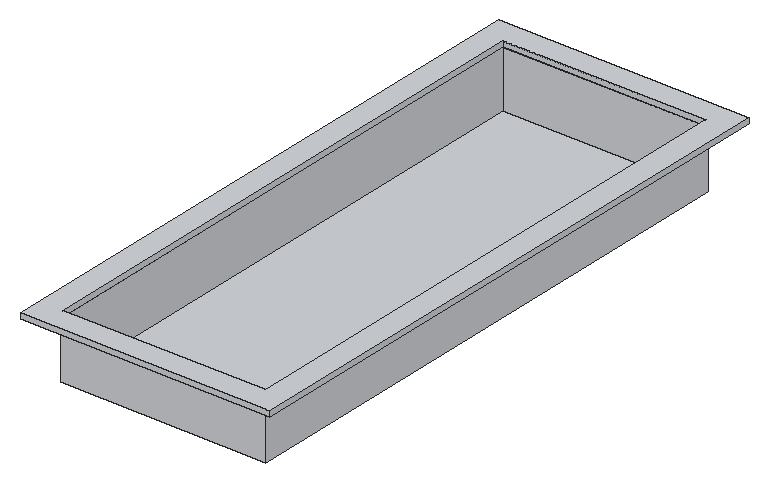
Revit family "Hager-VOLTA-Hollow_wall-Other-Without_Cover-Without_DIN-Hosted-AT-de", category Electrical Equipment, host Face, Revit 2023
Family settings
  Host = Face
  Panel Configuration = Two Columns, Circuits Across
  Round Connector Dimension = Use Diameter
  Part Type = Panelboard
  Cut with Voids When Loaded = No
  Maintain Annotation Orientation = Yes
  Shared = No
  Room Calculation Point = No
Parameters (values of type "VOLTA-Hollow_wall_W348_H880_D98_12_Modular_Spacing-VH60NK")
  Width Control [instance] = if([HG000006-Unterputz], if([EF000846 - Einbaubreite] > min_whd, [EF000846 - Einbaubreite], min_whd), if([EF000008 - Breite] > min_whd, ([EF000008 - Breite]), min_whd))  # 314 mm
  Void Depth [instance] = if([HG000006-Unterputz], Depth Control, 1 mm)  # 90 mm
  Uniformat code = "D501001"
  Uniformat = "Low Tension Service & Dist."
  HGEF0002950-Breite in Teilungseinheiten = 12
  HGEF000266-Anzahl der Reihen = 5
  HG000131 - Functional label [instance] = ""
  HG000130 - Functional name [instance] = ""
  Type Comments = ""
  System Height [instance] = Height Control - 2 * [HG000005-Dicke]  # 842 mm
  Reference description = ""
  Reference = "VOLTA-Hollow_wall_W348_H880_D98_12_Modular_Spacing-VH60NK"
  Object type = ""
  Name hager = "ADD_Enclosures_EC000214"
  Name BIM&CO = "Electricity"
  Name = "VOLTA-Hollow_wall-Other-Without_Cover-Without_DIN-AT"
  Model = ""
  HG000099-Onfly Template ID-de-AT = "507532"
  HG000060-RAL-number = "9010"
  HG000059-Operating voltage-de-AT [instance] = 230 V
  HG000017-Distanz zwischen den Polen = 18 mm
  HG000016-3D-Türsichtbarkeit = yes
  HG000015-Sichtbarkeit der Türöffnung = yes
  HG000014-Tür rechts = yes
  HG000013-Tür links = no
  HG000012-Türschwenkwinkel = 90.00°
  HG000011-Leere Reihen von unten = no
  HG000010-Asymmetrische Türen = no
  HG000009-Doppelflügeligen Tür = no
  HG000008-Anzahl der leeren Reihen = 0
  HG000007-Anzahl der leeren Spalten = 0
  HG000006-Unterputz = yes
  HG000005-Dicke = 2 mm
  HG000004-Herstellerreferenz = "VH60NK"
  HG000003-Bereich = "VOLTA"
  HG000002-Mit tür = no
  HG000001-Anzahl der Spalten = 0
  GTIN (Global Trade Item Number) = ""
  ETIM class name = "Small distribution board"
  ETIM class code = "EC000214"
  EF015941 - Signaldurchlassende Tür = no
  EF015777 - Neutralleiterklemmenblock = no
  EF015776 - Erdungsklemmenblock = no
  EF009212 - Ausführung Deckel = ""
  EF006306 - Mit Schloss = no
  EF006244 - Transparenter Deckel/Tür = no
  EF005474 - Schutzart (IP) = "sonstige"
  EF004464 - Art der Tür = ""
  EF004462 - Art der Schließung = "sonstige"
  EF002950 - Breite in Teilungseinheiten = 12
  EF001596 - Werkstoff des Gehäuses = ""
  EF001134 - DIN-Schiene = no
  EF001131 - Innentiefe = 0 mm
  EF001088 - Anbaumöglichkeit = yes
  EF001062 - EMV-Ausführung = no
  EF000846 - Einbaubreite = 314 mm
  EF000339 - Art der Abdeckung = ""
  EF000332 - Einbauhöhe = 846 mm
  EF000266 - Anzahl der Reihen = 5
  EF000218 - Einbautiefe = 90 mm
  EF000118 - Mit Montageplatte = no
  EF000116 - RAL-Nummer = 9010
  EF000049 - Tiefe = 98 mm
  EF000040 - Höhe = 880 mm
  EF000024 - UV-beständig = no
  EF000008 - Breite = 348 mm
  EF000007 - Farbe = "weiß"
  EF000003 - Montageart = "Hohlwand"
  Creation Date = "12/15/2025 21:42:23"
  Code hager = "ADD-EC000214_EU"
  BIM&CO code = ""
  BC_VARIANT_ID = "1174081"
  BC_OBJECT_VERSION = "#3"  # constant formula
  BC_OBJECT_ID = "513459"  # constant formula
  BC_MODEL_ID = "1547071"  # constant formula
  Arrow Offset [instance] = Depth Control / 8  # 11.25 mm
  Arrow Height [instance] = Depth Control - Arrow Offset  # 78.75 mm
  Host Offset [instance] = if([HG000006-Unterputz], 0 mm, [EF000049 - Tiefe])  # 0 mm
  min_whd [instance] = (2 * [HG000005-Dicke]) + 1 mm  # 5 mm
  Manufacturer = "Hager"  # constant formula
  Height Control [instance] = if([HG000006-Unterputz], if([EF000332 - Einbauhöhe] > min_whd, [EF000332 - Einbauhöhe], min_whd), if([EF000040 - Höhe] > min_whd, ([EF000040 - Höhe]), min_whd))  # 846 mm
  Flush Mounted - Door Frame Width [instance] = if(([EF000040 - Höhe] - [EF000332 - Einbauhöhe]) > 0 mm, if([HG000006-Unterputz], [EF000040 - Höhe] - [EF000332 - Einbauhöhe], 0 mm), 0 mm)  # 34 mm
  Depth Control [instance] = if([HG000006-Unterputz], if([EF000218 - Einbautiefe] > 0 mm, [EF000218 - Einbautiefe], 1 mm), if([EF000049 - Tiefe] > 0 mm, ([EF000049 - Tiefe]), 1 mm))  # 90 mm
  Default Elevation = 0 mm
Types (5, lengths in mm): name | HGEF000266-Anzahl der Reihen | System Height | Reference | HG000004-Herstellerreferenz | EF009212 - Ausführung Deckel | EF004462 - Art der Schließung | EF001062 - EMV-Ausführung | EF000332 - Einbauhöhe | EF000266 - Anzahl der Reihen | EF000049 - Tiefe | EF000040 - Höhe | EF000008 - Breite | BC_VARIANT_ID | Height Control | Flush Mounted - Door Frame Width
  VOLTA-Hollow_wall_W330_H355_D94_12_Modular_Spacing-VH12NK | 1 | 342 | "VOLTA-Hollow_wall_W330_H355_D94_12_Modular_Spacing-VH12NK" | "VH12NK" | "geschlossen" | "" | yes | 346 | 1 | 94 | 355 | 330 | "1174077" | 346 | 9
  VOLTA-Hollow_wall_W348_H505_D98_12_Modular_Spacing-VH24NK | 2 | 467 | "VOLTA-Hollow_wall_W348_H505_D98_12_Modular_Spacing-VH24NK" | "VH24NK" | "" | "sonstige" | no | 471 | 2 | 98 | 505 | 348 | "1174078" | 471 | 34
  VOLTA-Hollow_wall_W348_H630_D98_12_Modular_Spacing-VH36NK | 3 | 592 | "VOLTA-Hollow_wall_W348_H630_D98_12_Modular_Spacing-VH36NK" | "VH36NK" | "" | "sonstige" | no | 596 | 3 | 98 | 630 | 348 | "1174079" | 596 | 34
  VOLTA-Hollow_wall_W348_H755_D98_12_Modular_Spacing-VH48NK | 4 | 717 | "VOLTA-Hollow_wall_W348_H755_D98_12_Modular_Spacing-VH48NK" | "VH48NK" | "" | "sonstige" | no | 721 | 4 | 98 | 755 | 348 | "1174080" | 721 | 34
  VOLTA-Hollow_wall_W348_H880_D98_12_Modular_Spacing-VH60NK | 5 | 842 | "VOLTA-Hollow_wall_W348_H880_D98_12_Modular_Spacing-VH60NK" | "VH60NK" | "" | "sonstige" | no | 846 | 5 | 98 | 880 | 348 | "1174081" | 846 | 34
Reference planes
  plane 1 "Center (Front/Back)": y = 0
  plane 2: z = 0
  plane 3 "Center (Left/Right)": x = 0
  plane 4: z = 0
  plane 5: y = 36
  plane 6: z = -5
  plane 7: y = 457
  plane 8: y = 34
  plane 9: y = 880
  plane 10: z = -90
  plane 11: x = -157
  plane 12: x = 157
  plane 13: x = 155
  plane 14: x = -155
  plane 15: y = 878
  plane 16: z = -88
  plane 17: z = -2
  plane 18: z = -90
  plane 19: z = -2
  plane 20 "Annotation H": y = -100
  plane 21 "Annotation V": x = 457
Forms (mm)
  Extrusion 1, solid
    sketch origin (-583.045, 34, 1219.2) x (-1, 0, 0) y (0, 0, 1)
      loop
        line (-426.045, -1219.2) -> (-740.045, -1219.2) -> (-740.045, -1309.2) -> (-426.045, -1309.2) -> (-426.045, -1219.2)
    from 0 to 846 <- "Height Control"
  Extrusion 2, void
    sketch origin (-381.607, -4572, 0) x (0, -1, 0) y (-1, 0, 0)
      loop
        line (-5450, -226.607) -> (-5450, -536.607) -> (-4608, -536.607) -> (-4608, -226.607) -> (-5450, -226.607)
    from 0 to 88
  Extrusion 3, void
    sketch origin (0, 0, 0) x (1, 0, 0) y (0, 1, 0)
      loop
        line (-157, 34) -> (157, 34) -> (157, 880) -> (-157, 880) -> (-157, 34)
    from -90 to 1
  Extrusion 4, solid, detail levels coarse+medium
    sketch origin (-381.607, -4572, 0) x (-1, 0, 0) y (0, -1, 0)
      loop
        line (-226.607, -5450) -> (-226.607, -4608) -> (-536.607, -4608) -> (-536.607, -5450) -> (-226.607, -5450)
    from 0 to -2
Cuts and joins
  Extrusion 2 cuts Extrusion 1
Dimensions and locks
  plane 4 to plane 6 = 5 mm
  "Host Offset": plane 4 to host face
  "Flush Mounted - Door Frame Width": plane 1 "Center (Front/Back)" to plane 8
  "HG000005-Dicke": plane 5 to plane 8
  locked: connector elem to plane 3 "Center (Left/Right)"
  "Height Control": plane 9 to plane 8
  equal spacing: plane 9, plane 7, plane 8
  locked: connector elem to plane 7
  "Depth Control": plane 4 to plane 10
  "HG000005-Dicke": plane 11 to plane 14
  "HG000005-Dicke": plane 12 to plane 13
  equal spacing: plane 11, plane 3 "Center (Left/Right)", plane 12
  "Width Control": plane 11 to plane 12
  "Arrow Offset": nested 4 to plane 10
  "HG000005-Dicke": plane 9 to plane 15
  "HG000005-Dicke": plane 16 to plane 10
  "HG000005-Dicke": plane 4 to plane 17
  "Void Depth": plane 2 to plane 18
  "HG000005-Dicke": plane 4 to plane 19
  locked: plane 20 "Annotation H" to plane 1 "Center (Front/Back)" at 100
  locked: plane 12 to plane 21 "Annotation V" at 300
  aligned and locked: plane 2 to host face
  aligned and locked: level to host face
  aligned and locked: plane 3 "Center (Left/Right)" to nested 2
  aligned and locked: plane 4 to nested 2
  aligned and locked: nested 2 to plane 8
  aligned and locked: nested 1 to plane 6
  aligned and locked: plane 5 to nested 1
  aligned and locked: nested 4 to plane 11
  aligned and locked: nested 3 to plane 4
  aligned and locked: Extrusion 1 sketch curve to plane 12
  aligned and locked: Extrusion 1 sketch curve to plane 11
  aligned and locked: nested 3 to plane 10
  aligned and locked: plane 10 to Extrusion 1 sketch curve
  aligned and locked: plane 5 to Extrusion 2 sketch curve
  aligned and locked: Extrusion 2 sketch curve to plane 15
  aligned and locked: Extrusion 2 sketch curve to plane 14
  aligned and locked: Extrusion 2 sketch curve to plane 13
  aligned and locked: plane 11 to Extrusion 3 sketch curve
  aligned and locked: plane 9 to Extrusion 3 sketch curve
  aligned and locked: Extrusion 3 sketch curve to plane 8
  aligned and locked: plane 12 to Extrusion 3 sketch curve
  aligned and locked: nested 3 to plane 12
  aligned and locked: Extrusion 3 to plane 18
  aligned and locked: Extrusion 2 to plane 16
  aligned and locked: Extrusion 1 sketch curve to plane 4
  aligned and locked: Extrusion 4 to plane 17
  aligned and locked: Extrusion 4 sketch curve to plane 15
  aligned and locked: Extrusion 4 sketch curve to plane 13
  aligned and locked: Extrusion 4 sketch curve to plane 14
  aligned and locked: plane 5 to Extrusion 4 sketch curve
  aligned and locked: nested 5 to plane 21 "Annotation V"
  aligned and locked: plane 20 "Annotation H" to nested 5
Automatic sketch dimensions
  host sketch curve to host sketch curve = 1469.727 mm
  host sketch curve to host sketch curve = 1434.803 mm
Nested families
  nested 1: "Hager_Enclosure_System" at (0, 36, -5) x (1, 0, 0) z (0, 1, 0), Height <- "System Height", Width_Control <- "Width Control", Built-in_Width <- "EF000846 - Einbaubreite", Width <- "EF000008 - Breite", Depth <- "HG000005-Dicke", Border <- "HG000005-Dicke", Distance_Between_Poles <- "HG000017-Distanz zwischen den Polen", Flush_Mounted <- "HG000006-Unterputz", Empty_Columns <- "HG000007-Anzahl der leeren Spalten", Total_No_Empty_Rows <- "HG000008-Anzahl der leeren Reihen", Empty_Rows_From_Bottom <- "HG000011-Leere Reihen von unten", Columns_Count <- "HG000001-Anzahl der Spalten", Rows_Count <- "HGEF000266-Anzahl der Reihen", Row_Module_Multiplicator <- "HGEF0002950-Breite in Teilungseinheiten", type "Hager_Enclosure_System", detail levels fine
    with Width_Control 314 mm, Width 348 mm, Total_No_Rows 5, Total_No_Empty_Rows 0, Total_No_Columns 1, System_Width 310 mm, Rows_Count 5, Rows_Column 5, Row_Module_Multiplicator 12, Panel_4 no, Panel_3 no, Panel_2 no, Panel_1 no, No_Panels_Ctrl 1, Hide_Columns yes, Height 842 mm, Flush_Mounted yes, Empty_Rows_From_Bottom no, Empty_Rows_Column 0, Empty_Columns 0, Empty column 4 0, Empty column 3 0, Empty column 2 0, Empty column 1 0, Distance_Between_Poles 18 mm, Depth 2 mm, Columns_Count 0, Column_Width 310 mm, Built-in_Width 314 mm, Border 2 mm
  nested 2: "Hager_Enclosure_Door" at (0, 34, 0) x (1, 0, 0) z (0, 1, 0), Height_Ctrl <- "Height Control", Width_Ctrl <- "Width Control", BuiltIn_Depth <- "EF000218 - Einbautiefe", Depth <- "EF000049 - Tiefe", BuiltIn_Width <- "EF000846 - Einbaubreite", Height <- "EF000040 - Höhe", BuiltIn_Height <- "EF000332 - Einbauhöhe", Width <- "EF000008 - Breite", Transparent <- "EF006244 - Transparenter Deckel/Tür", Border <- "HG000005-Dicke", Door <- "HG000002-Mit tür", Flush_Mounted <- "HG000006-Unterputz", Double <- "HG000009-Doppelflügeligen Tür", Assymetrical <- "HG000010-Asymmetrische Türen", Angle <- "HG000012-Türschwenkwinkel", Door_Left <- "HG000013-Tür links", Door_Right <- "HG000014-Tür rechts", Clearance <- "HG000015-Sichtbarkeit der Türöffnung", 3d_Door <- "HG000016-3D-Türsichtbarkeit", type "Hager_Enclosure_Door", detail levels medium+fine
    with min_wh 5 mm, Width_Ctrl 314 mm, Width 348 mm, Transparent_Door_No_Bottom_Border no, Transparent no, Leaf_Width 307 mm, Leaf_Tolerance 1.5 mm, Leaf_Height 839 mm, Leaf_2_Width 307 mm, Leaf_2_Offset 153.5 mm, Leaf_1_Width 307 mm, Leaf_1_Offset 153.5 mm, Height_Ctrl 846 mm, Height 880 mm, Frame_Width_Ctrl 34 mm, Frame_Width 34 mm, Frame_Internal_Offset 2 mm, Frame_Height_Ctrl 34 mm, Frame_Height 34 mm, Frame_Depth_Ctrl 8 mm, Frame_Depth 8 mm, Flush_Mounted yes, Double_Clearance_Ctrl no, Double no, Door_Right_Ctrl no, Door_Right yes, Door_Left_Ctrl no, Door_Left no, Door no, Depth 98 mm, Clearance_Depth 307 mm, Clearance_Ctrl yes, Clearance yes, BuiltIn_Width 314 mm, BuiltIn_Height 846 mm, BuiltIn_Depth 90 mm, Border 2 mm, Assymetrical no, Angle 90.00°, 3d_Door yes
  nested 3: "Hager_Enclosure_Symbol_Triangle" at (-157, 0, -90) x (1, 0, 0) z (0, -1, 0), Depth <- "Depth Control", Width <- "Width Control", type "Hager_Enclosure_Symbol_Triangle"
    with Width_Ctrl 314 mm, Width 314 mm, Depth_Ctrl 90 mm, Depth 90 mm
  nested 4: "Hager_Enclosure_Symbol_Arrow" at (-157, 0, -78.75) x (1, 0, 0) z (0, -1, 0), Height <- "Arrow Height", type "Hager_Enclosure_Symbol_Arrow"
    with Width_Inside 5.906 mm, Width 70.875 mm, Height_Ctrl 78.75 mm, Height 78.75 mm
  nested 5: "Hager_Annotation-HG000130" at (457, -100, 0) x (-1, 0, 0) z (0, 0, 1), HG000130 - Functional name <- "HG000130 - Functional name", type "Hager_Annotation-HG000130"
    with HG000130 - Functional name ""
Connectors
  electrical at (0, 457, -90)
    settings: on plane 10, index 1, voltage 0 V, apparent load 0 VA, apparent load phase1 0 VA, apparent load phase2 0 VA, apparent load phase3 0 VA, power factor 1, load classification "Other", number of poles 1, system type 30, power factor state 1, is connector primary yes, connector utility no, sub classification motor no, connector description ""
Definition of nested family "Hager_Enclosure_Door"
  Parameters (values of type "Hager_Enclosure_Door")
    min_wh [instance] = (2 * Border) + 1 mm  # 11 mm
    Width_Ctrl [instance] = 400 mm
    Width [instance] = 500 mm
    Transparent_Door_No_Bottom_Border [instance] = no
    Transparent [instance] = yes
    Leaf_Width [instance] = if((Width_Ctrl - 2 * Border - 2 * Leaf_Tolerance) > 0 mm, (Width_Ctrl - 2 * Border - 2 * Leaf_Tolerance), min_wh)  # 387 mm
    Leaf_Tolerance [instance] = 1.5 mm  # constant formula
    Leaf_Height [instance] = if((Height_Ctrl - 2 * Border - 2 * Leaf_Tolerance) > 0 mm, (Height_Ctrl - 2 * Border - 2 * Leaf_Tolerance), min_wh)  # 387 mm
    Leaf_2_Width [instance] = if(and(and(Double, Assymetrical), Door_Left), (Leaf_Width / 3) - (Leaf_Tolerance / 2), if(and(and(Double, Assymetrical), Door_Right), (Leaf_Width / 3) * 2 - (Leaf_Tolerance / 2), if(and(Double, not(Assymetrical)), (Leaf_Width / 2) - Leaf_Tolerance, Leaf_Width)))  # 387 mm
    Leaf_2_Offset [instance] = if(and(Double, Assymetrical), Leaf_2_Width / 2, if(and(Double, not(Assymetrical)), Leaf_Width / 4, Leaf_Width / 2))  # 193.5 mm
    Leaf_1_Width [instance] = if(and(and(Double, Assymetrical), Door_Right), (Leaf_Width / 3) - (Leaf_Tolerance / 2), if(and(and(Double, Assymetrical), Door_Left), (Width / 3) * 2 - (Leaf_Tolerance / 2), if(and(Double, not(Assymetrical)), (Leaf_Width / 2) - Leaf_Tolerance, Leaf_Width)))  # 387 mm
    Leaf_1_Offset [instance] = if(and(Double, Assymetrical), Leaf_1_Width / 2, if(and(Double, not(Assymetrical)), Leaf_Width / 4, Leaf_Width / 2))  # 193.5 mm
    Height_Ctrl [instance] = 400 mm
    Height [instance] = 500 mm
    Frame_Width_Ctrl [instance] = if(Frame_Width > 0 mm, Frame_Width, 1 mm)  # 1 mm
    Frame_Width [instance] = Width - BuiltIn_Width  # 0 mm
    Frame_Internal_Offset [instance] = if(Flush_Mounted, Border, 0 mm)  # 5 mm
    Frame_Height_Ctrl [instance] = if(Frame_Height > 0 mm, Frame_Height, 1 mm)  # 1 mm
    Frame_Height [instance] = Height - BuiltIn_Height  # 0 mm
    Frame_Depth_Ctrl [instance] = if(Frame_Depth > 0 mm, Frame_Depth, 1 mm)  # 1 mm
    Frame_Depth [instance] = if(Depth - BuiltIn_Depth > 0 mm, if(Flush_Mounted, Depth - BuiltIn_Depth, 0 mm), 0 mm)  # 0 mm
    Flush_Mounted [instance] = yes
    Double_Clearance_Ctrl [instance] = and(Double, Clearance)  # no
    Double [instance] = no
    Door_Right_Ctrl [instance] = and(or(Door_Right, Double), Door)  # yes
    Door_Right [instance] = yes
    Door_Left_Ctrl [instance] = and(or(Door_Left, Double), Door)  # no
    Door_Left [instance] = no
    Door [instance] = yes
    Depth [instance] = 500 mm
    Default Elevation = 1219.2 mm
    Clearance_Material = none
    Clearance_Depth [instance] = if(Leaf_1_Width > Leaf_2_Width, Leaf_1_Width, Leaf_2_Width)  # 387 mm
    Clearance_Ctrl [instance] = and(not(Double), Clearance)  # yes
    Clearance [instance] = yes
    BuiltIn_Width [instance] = 500 mm
    BuiltIn_Height [instance] = 500 mm
    BuiltIn_Depth [instance] = 500 mm
    Border [instance] = 5 mm
    Assymetrical [instance] = yes
    Angle [instance] = 30.00°
    3d_Door [instance] = yes
  Reference planes
    plane 1 "Center (Front/Back)": y = 0
    plane 2 "Bottom": z = 0
    plane 3 "Center (Left/Right)": x = 0
    plane 4: z = 400
    plane 5: x = -200
    plane 6: x = 200
    plane 7: z = 395
    plane 8: x = -195
    plane 9: z = 5
    plane 10: x = 195
    plane 11: y = 0
    plane 12: z = 6.5
    plane 13: x = -582
    plane 14: y = -387
    plane 15: x = 582
    plane 16: x = 0
    plane 17: x = 0
    plane 18: x = -193.5
    plane 19: x = 193.5
    plane 20: z = 393.5
  Forms (mm)
    Extrusion 1, solid, visible <- "Flush_Mounted"
      sketch origin (0, 0, 0) x (1, 0, 0) y (0, 0, 1)
        loop
          line (195, 5) -> (195, 395) -> (-195, 395) -> (-195, 5) -> (195, 5)
        loop
          line (-201, 401) -> (-201, -1) -> (201, -1) -> (201, 401) -> (-201, 401)
      from 0 to 1 <- "Frame_Depth_Ctrl"
    Extrusion 2, solid, material <- "Clearance_Material", visible <- "Double_Clearance_Ctrl"
      sketch origin (1200, 0, 0) x (1, 0, 0) y (0, 0, -1)
        loop
          line (-1782, -393.5) -> (-618, -393.5) -> (-618, 0) -> (-1782, 0) -> (-1782, -393.5)
      from 0 to -387
  Dimensions and locks
    equal spacing: plane 5, plane 3 "Center (Left/Right)", plane 6
    "Width_Ctrl": plane 5 to plane 6
    "Border": plane 5 to plane 8
    "Border": plane 6 to plane 10
    "Border": plane 9 to level
    "Border": plane 4 to plane 7
    "Height_Ctrl": plane 4 to level
    "Leaf_Tolerance": plane 12 to plane 9
    "Frame_Depth": plane 11 to plane 1 "Center (Front/Back)"
    "Frame_Width_Ctrl": plane 5 to Extrusion 1 sketch curve
    "Frame_Width_Ctrl": plane 6 to Extrusion 1 sketch curve
    "Frame_Width_Ctrl": Extrusion 1 sketch curve to plane 4
    "Frame_Width_Ctrl": plane 2 "Bottom" to Extrusion 1 sketch curve
    "Leaf_1_Offset": plane 18 to plane 16
    "Leaf_2_Offset": plane 17 to plane 19
    "Leaf_1_Width": plane 13 to plane 8
    "Leaf_2_Width": plane 10 to plane 15
    "Clearance_Depth": plane 14 to plane 1 "Center (Front/Back)"
    "Leaf_Tolerance": plane 8 to plane 18
    "Leaf_Tolerance": plane 19 to plane 10
    "Leaf_Tolerance": plane 7 to plane 20
    "Frame_Internal_Offset": plane 5 to Extrusion 1 sketch curve
    "Frame_Internal_Offset": Extrusion 1 sketch curve to plane 2 "Bottom"
    "Frame_Internal_Offset": plane 6 to Extrusion 1 sketch curve
    "Frame_Internal_Offset": plane 4 to Extrusion 1 sketch curve
    aligned and locked: level to plane 2 "Bottom"
    aligned and locked: nested 1 to plane 16
    aligned and locked: nested 2 to plane 17
    aligned and locked: Extrusion 2 to plane 13
    aligned and locked: plane 15 to Extrusion 2
    aligned and locked: Extrusion 2 to plane 14
    aligned and locked: plane 12 to nested 1
    aligned and locked: nested 2 to plane 12
    aligned and locked: Extrusion 2 to plane 11
    aligned and locked: plane 20 to Extrusion 2
    aligned and locked: nested 2 to plane 11
    aligned and locked: nested 1 to plane 11
  Automatic sketch dimensions
    Extrusion 2 sketch curve to level = 0 mm
    plane 5 to Extrusion 2 sketch curve = 382 mm
    plane 6 to Extrusion 2 sketch curve = 382 mm
    Extrusion 2 sketch curve to plane 4 = 6.5 mm
  Nested families
    nested 1: "Hager_Enclosure_Door_Leaf" at (0, 0, 6.5), Width <- "Leaf_1_Width", visible <- "Door_Left_Ctrl", Leaf_Height <- "Leaf_Height", Angle <- "Angle", Depth <- "Border", 3d_Door <- "3d_Door", Transparent <- "Transparent", Clearance Material <- "Clearance_Material", Clearance <- "Clearance_Ctrl", Transparent_Door_No_Bottom_Border <- "Transparent_Door_No_Bottom_Border", type "Hager_Enclosure_Door_Leaf"
      with Width 387 mm, Transparent_Door_No_Bottom_Border no, Transparent_Door_Border_Bottom_Top 25 mm, Transparent_Door_Border 25 mm, Transparent_Ctrl yes, Transparent yes, Standard no, Leaf_Height 387 mm, Glass_Offset 1 mm, Depth 5 mm, Clearance Material none, Clearance yes, Angle_Ctrl 30.00°, Angle 30.00°, 3d_Door yes
    nested 2: "Hager_Enclosure_Door_Leaf" at (0, 0, 6.5) x (-1, 0, 0) z (0, 0, 1), Width <- "Leaf_2_Width", visible <- "Door_Right_Ctrl", Leaf_Height <- "Leaf_Height", Angle <- "Angle", Depth <- "Border", 3d_Door <- "3d_Door", Transparent <- "Transparent", Clearance Material <- "Clearance_Material", Clearance <- "Clearance_Ctrl", Transparent_Door_No_Bottom_Border <- "Transparent_Door_No_Bottom_Border", type "Hager_Enclosure_Door_Leaf"
      with Width 387 mm, Transparent_Door_No_Bottom_Border no, Transparent_Door_Border_Bottom_Top 25 mm, Transparent_Door_Border 25 mm, Transparent_Ctrl yes, Transparent yes, Standard no, Leaf_Height 387 mm, Glass_Offset 1 mm, Depth 5 mm, Clearance Material none, Clearance yes, Angle_Ctrl 30.00°, Angle 30.00°, 3d_Door yes
  Definition of nested family "Hager_Enclosure_Door_Leaf"
    Parameters (values of type "Hager_Enclosure_Door_Leaf")
      Width [instance] = 2000 mm
      Transparent_Door_No_Bottom_Border [instance] = yes
      Transparent_Door_Border_Bottom_Top [instance] = if(Transparent_Door_No_Bottom_Border, 0.1 mm, Transparent_Door_Border)  # 0.1 mm
      Transparent_Door_Border [instance] = if(Transparent_Door_No_Bottom_Border, (Width * 0.12), 25 mm)  # 240 mm
      Transparent_Ctrl [instance] = and(Transparent, [3d_Door])  # yes
      Transparent [instance] = yes
      Standard [instance] = and(not(Transparent), [3d_Door])  # no
      Leaf_Height [instance] = 2720.336 mm
      Glass_Offset [instance] = if((Depth - 10 mm) / 2 > 0 mm, (Depth - 10 mm) / 2, 1 mm)  # 15 mm
      Glass_Material = none
      Depth [instance] = 40 mm
      Default Elevation = 0 mm
      Clearance Material [instance] = none
      Clearance [instance] = yes
      Angle_Ctrl [instance] = if(Angle > 170.00°, 170.00°, Angle)  # 45.00°
      Angle [instance] = 45.00°
      3d_Door [instance] = yes
    Reference planes
      plane 1 "Center (Front/Back)": y = 0
      plane 2: z = 0
      plane 3 "Center (Left/Right)": x = 0
      plane 4: y = 2000
      plane 5: x = -1000
      plane 6: x = 1000
      plane 7: x = -3000
      plane 8: z = 2720.336
      plane 9: z = 0.1
      plane 10: z = 2720.236
      plane 11: x = 760
      plane 12: x = -760
    Forms (mm)
      Extrusion 1, solid, material <- "Clearance Material", visible <- "Clearance"
        sketch origin (0, 0, 0) x (1, 0, 0) y (0, 0, 1)
          loop
            line (-3000, 2720.336) -> (-3000, 0) -> (1000, 0) -> (1000, 2720.336) -> (-3000, 2720.336)
        from 0 to -2000
      Extrusion 2, solid, visible <- "Standard", detail levels medium+fine
        sketch origin (-1000, 0, 0) x (0.707107, 0.707107, 0) y (-0.707107, 0.707107, 0)
          loop
            line (0, -40) -> (2000, -40) -> (2000, 0) -> (0, 0) -> (0, -40)
        from 0 to 2720.336 <- "Leaf_Height"
      Extrusion 3, solid, visible <- "Transparent_Ctrl", detail levels medium+fine
        sketch origin (-1000, 0, 0) x (0.707107, 0.707107, 0) y (-0.707107, 0.707107, 0)
          loop
            line (0, -40) -> (2000, -40) -> (2000, 0) -> (0, 0) -> (0, -40)
        from 0 to 2720.336 <- "Leaf_Height"
      Extrusion 4, void, detail levels medium+fine
        sketch origin (-1000, 0, 0) x (-0.707107, 0.707107, 0) y (0.707107, 0.707107, 0)
          loop
            line (0, 240) -> (0, 1760) -> (-40, 1760) -> (-40, 240) -> (0, 240)
        from -2720.236 to -0.1
      Extrusion 5, solid, material <- "Glass_Material", visible <- "Transparent_Ctrl", detail levels medium+fine
        sketch origin (-1000, 0, 0) x (0.707107, 0.707107, 0) y (-0.707107, 0.707107, 0)
          loop
            line (240, -15) -> (240, -25) -> (1760, -25) -> (1760, -15) -> (240, -15)
        from 0.1 to 2720.236
    Cuts and joins
      Extrusion 4 cuts Extrusion 3
    Lines and regions (mm)
      symbolic lines
        curve 1: line (1000, 0, 0) -> (-3000, 0, 0)
        curve 2: arc (1000, 0, 0) -> (-1000, 2000, 0) -> (-3000, 0, 0) r 2000
        curve 4: line (-1000, 0, 0) -> (414.214, 1414.214, 0)
      reference lines
        curve 3: line (-1000, 0, 0) -> (414.214, 1414.214, 0)
      symbolic lines, detail levels medium+fine
        curve 5: line (414.214, 1414.214, 0) -> (442.498, 1385.929, 0)
        curve 6: line (442.498, 1385.929, 0) -> (-971.716, -28.284, 0)
        curve 7: line (-971.716, -28.284, 0) -> (-1000, 0, 0)
        curve 8: line (-1000, 0, 2720.336) -> (1000, 0, 2720.336)
        curve 9: line (-1000, 0, 0) -> (-1000, 0, 2720.336)
        curve 10: line (1000, 0, 0) -> (-1000, 0, 0)
        curve 11: line (1000, 0, 2720.336) -> (1000, 0, 0)
      symbolic lines, visible <- "Transparent_Ctrl", detail levels medium+fine
        curve 12: line (-760, 0, 2720.236) -> (760, 0, 2720.236)
        curve 13: line (-760, 0, 0.1) -> (-760, 0, 2720.236)
        curve 14: line (760, 0, 0.1) -> (-760, 0, 0.1)
        curve 15: line (760, 0, 2720.236) -> (760, 0, 0.1)
    Dimensions and locks
      "Width": plane 1 "Center (Front/Back)" to plane 4
      equal spacing: plane 5, plane 3 "Center (Left/Right)", plane 6
      "Width": plane 5 to plane 6
      "Width": plane 7 to plane 5
      "Leaf_Height": plane 8 to level
      "Depth": curve 6 to curve 3
      "Width": curve 5 to curve 3
      "Width": curve 3 to curve 3
      "Transparent_Door_Border": Extrusion 4 sketch curve to curve 7
      "Transparent_Door_Border": Extrusion 4 sketch curve to curve 5
      "Transparent_Door_Border_Bottom_Top": plane 8 to plane 10
      "Transparent_Door_Border_Bottom_Top": plane 9 to level
      "Glass_Offset": Extrusion 5 sketch curve to curve 4
      "Glass_Offset": Extrusion 5 sketch curve to curve 6
      "Transparent_Door_Border": Extrusion 5 sketch curve to curve 5
      "Transparent_Door_Border": Extrusion 5 sketch curve to curve 7
      "Transparent_Door_Border": plane 12 to plane 5
      "Transparent_Door_Border": plane 6 to plane 11
      "Angle_Ctrl": angle plane 1 "Center (Front/Back)" to curve 3
      aligned and locked: level to plane 2
      aligned and locked: Extrusion 1 to curve 1
      aligned and locked: plane 6 to Extrusion 1
      aligned and locked: Extrusion 1 to plane 1 "Center (Front/Back)"
      aligned and locked: plane 4 to Extrusion 1
      aligned and locked: plane 8 to Extrusion 1
      aligned and locked: curve 4 to curve 3
      aligned and locked: Extrusion 2 sketch curve to curve 7
      aligned and locked: Extrusion 2 sketch curve to curve 6
      aligned and locked: Extrusion 2 sketch curve to curve 5
      aligned and locked: Extrusion 2 sketch curve to curve 3
      aligned and locked: curve 7 to Extrusion 3 sketch curve
      aligned and locked: Extrusion 3 sketch curve to curve 4
      aligned and locked: Extrusion 3 sketch curve to curve 6
      aligned and locked: Extrusion 3 sketch curve to curve 5
      aligned and locked: curve 4 to Extrusion 4 sketch curve
      aligned and locked: curve 6 to Extrusion 4 sketch curve
      aligned and locked: Extrusion 4 to plane 9
      aligned and locked: Extrusion 4 to plane 10
      aligned and locked: Extrusion 5 to plane 9
      aligned and locked: Extrusion 5 to plane 10
      aligned and locked: curve 8 to plane 8
      aligned and locked: plane 5 to curve 9
      aligned and locked: plane 2 to curve 10
      aligned and locked: curve 11 to plane 6
      aligned and locked: plane 10 to curve 12
      aligned and locked: plane 12 to curve 13
      aligned and locked: curve 14 to plane 9
      aligned and locked: plane 11 to curve 15
    Automatic sketch dimensions
      plane 1 "Center (Front/Back)" to curve 2 = 0 mm
      curve 2 to plane 5 = 0 mm
      Extrusion 1 sketch curve to level = 0 mm
      Extrusion 1 sketch curve to plane 7 = 0 mm
      Extrusion 1 sketch curve to plane 6 = 0 mm
      Extrusion 1 sketch curve to plane 8 = 0 mm
      plane 1 "Center (Front/Back)" to curve 3 = 0 mm
      curve 3 to plane 5 = 0 mm
      curve 7 to curve 3 = 0 mm
Definition of nested family "Hager_Enclosure_Symbol_Triangle"
  Parameters (values of type "Hager_Enclosure_Symbol_Triangle")
    Width_Ctrl [instance] = if(Width > 1 mm, Width, 1 mm)  # 498 mm
    Width [instance] = 498 mm
    Depth_Ctrl [instance] = if(Depth > 1 mm, Depth, 1 mm)  # 72 mm
    Depth [instance] = 72 mm
  Reference planes
    plane 1 "Centre (avant/arrière)": y = 0
    plane 2: z = 0
    plane 3 "Centre (gauche/droite)": x = 0
  Lines and regions (mm)
    Filled region 1, type "Solid_Black", in view "Niveau de réf."
      outline origin (0, 0, 0) x (1, 0, 0) y (0, 1, 0)
        loop
          line (0, 0) -> (498, 0) -> (498, 72) -> (0, 0)
    reference lines, in view "Niveau de réf."
      curve 1: line (-206.153, 72, 0) -> (1083.258, 72, 0)
      curve 2: line (498, 405.456, 0) -> (498, -517.619, 0)
  Dimensions and locks
    "Depth_Ctrl": plane 1 "Centre (avant/arrière)" to curve 1
    "Width_Ctrl": plane 3 "Centre (gauche/droite)" to curve 2
    aligned and locked: curve 1 to Filled region 1 sketch curve
    aligned and locked: Filled region 1 sketch curve to plane 1 "Centre (avant/arrière)"
    aligned and locked: curve 2 to Filled region 1 sketch curve
    aligned and locked: plane 3 "Centre (gauche/droite)" to Filled region 1 sketch curve
    aligned and locked: plane 1 "Centre (avant/arrière)" to Filled region 1 sketch curve
  Automatic sketch dimensions
    curve 1 to plane 3 "Centre (gauche/droite)" = 206.153 mm
    curve 2 to curve 1 = 585.258 mm
    plane 1 "Centre (avant/arrière)" to curve 2 = 517.619 mm
    curve 2 to plane 1 "Centre (avant/arrière)" = 405.456 mm
Definition of nested family "Hager_Enclosure_Symbol_Arrow"
  Parameters (values of type "Hager_Enclosure_Symbol_Arrow")
    Width_Inside [instance] = if(Width / 12 > 2 mm, Width / 12, 2 mm)  # 4.987 mm
    Width [instance] = if(Height_Ctrl * 0.9 > 2 mm, Height_Ctrl * 0.9, 2 mm)  # 59.85 mm
    Height_Ctrl [instance] = if(Height > 2 mm, Height, 2 mm)  # 66.5 mm
    Height [instance] = 66.5 mm
  Reference planes
    plane 1 "Centre (avant/arrière)": y = 0
    plane 2: z = 0
    plane 3 "Centre (gauche/droite)": x = 0
    plane 4: x = 59.85
    plane 5: y = 28.263
    plane 6: y = 38.238
    plane 7: y = 66.5
    plane 8: x = 29.925
    plane 9: y = 33.25
  Lines and regions (mm)
    Filled region 1, type "Solid_Black", in view "Niveau de réf."
      outline origin (0, 0, 0) x (1, 0, 0) y (0, 1, 0)
        loop
          line (59.85, 66.5) -> (37.929, 52.827) -> (51.846, 41.935) -> (59.85, 66.5)
    detail lines, in view "Niveau de réf."
      curve 1: line (0, 0, 0) -> (29.925, 38.238, 0)
      curve 2: line (29.925, 38.238, 0) -> (29.925, 28.263, 0)
      curve 3: line (29.925, 28.263, 0) -> (59.85, 66.5, 0)
  Dimensions and locks
    "Width": plane 3 "Centre (gauche/droite)" to plane 4
    "Height_Ctrl": plane 7 to plane 1 "Centre (avant/arrière)"
    equal spacing: plane 3 "Centre (gauche/droite)", plane 8, plane 4
    equal spacing: plane 7, plane 9, plane 1 "Centre (avant/arrière)"
    equal spacing: plane 6, plane 9, plane 5
    "Width_Inside": plane 6 to plane 9
    equal spacing: curve 3, Filled region 1 sketch curve, Filled region 1 sketch curve
    angle Filled region 1 sketch curve to curve 3 = 20.00°
    angle curve 3 to Filled region 1 sketch curve = 20.00°
    locked: curve 3 to Filled region 1 sketch curve (angle 90.00°)
  Automatic sketch dimensions
    plane 1 "Centre (avant/arrière)" to curve 1 = 0 mm
    curve 1 to plane 3 "Centre (gauche/droite)" = 0 mm
    curve 2 to plane 6 = 0 mm
    curve 3 to plane 8 = 0 mm
    curve 3 to plane 4 = 0 mm
    curve 2 to plane 5 = 0 mm
    curve 3 to plane 7 = 0 mm
    Filled region 1 sketch curve to plane 4 = 0 mm
    Filled region 1 sketch curve to plane 7 = 0 mm
Definition of nested family "Hager_Annotation-HG000130"
  Parameters (values of type "Hager_Annotation-HG000130")
    HG000130 - Functional name [instance] = ""
  Reference planes
    plane 1: y = 0
    plane 2: x = 0
  Lines and regions (mm)
    detail lines
      curve 1: line (-27.5, 10, 0) -> (27.5, 10, 0)
      curve 2: line (-27.5, -10, 0) -> (-27.5, 10, 0)
      curve 3: line (27.5, -10, 0) -> (-27.5, -10, 0)
      curve 4: line (27.5, 10, 0) -> (27.5, -10, 0)
  Text (mm)
    label "HG000130 - Functional name" at (0.16, 0.026, 0), shows "HG000130 - Functional name"
